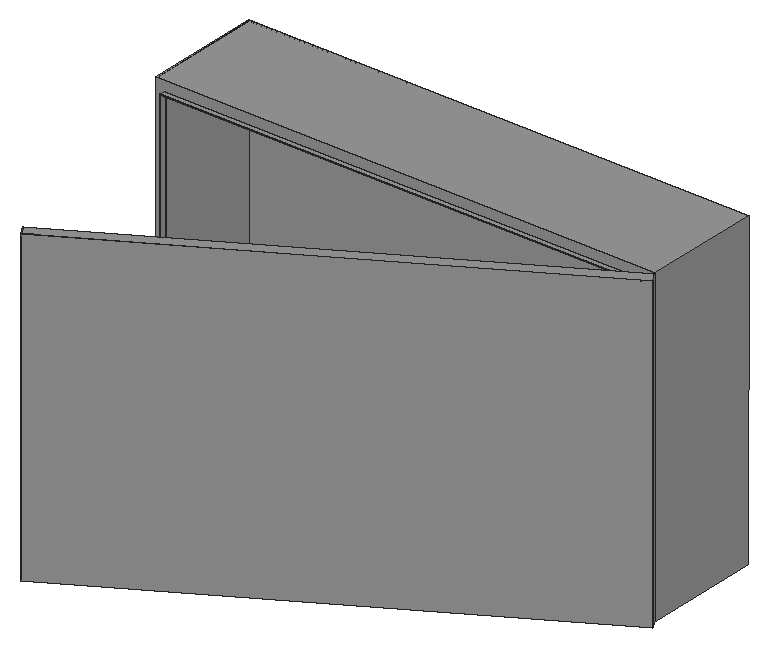
Revit family "Hager-Univers-IP54-D205-H500-Cl.I-Encl-NoHosted-AT-de", category Equipement électrique, Revit 2020
Family settings
  Configuration du panneau = Deux colonnes, circuits au sein
  Cote de connecteur circulaire = Utiliser le diamètre
  Type d'élément = Tableau de raccordement
  Basée sur le plan de construction = Oui
  Toujours verticalement = Oui
  Couper avec des vides une fois chargée = Non
  Partagée = Non
  Point de calcul de pièce = Non
Parameters (values of type "Aufputz IP54 B800 H500 T205  - FP33TW2")
  Width Control [instance] = if([EF000008 - Breite] > Min Width, [EF000008 - Breite], Min Width)  # 800 mm
  Commentaires du type = [HG000003 - Bereich]  # "Univers"
  Thickness Door [instance] = if([EF009171 - Materialstärke Tür/Deckel] > 3 mm, 3 mm, [EF009171 - Materialstärke Tür/Deckel])  # 1 mm
  Seal Frame Offset [instance] = 17 mm  # constant formula
  Plinth Visibility [instance] = [HG000027 - Sockelhöhe] > 0 mm  # no
  Min Width [instance] = 100 mm  # constant formula
  Min Depth [instance] = (2 * [EF009170 - Materialstärke Gehäuse]) + 1 mm  # 3 mm
  Min Height [instance] = 100 mm  # constant formula
  Internal Frame Depth [instance] = (Door System Depth * 0.5)  # 9 mm
  Panel Name [instance] = ""  # (empty or 0)
  Model = ""
  HG000027 - Sockelhöhe = 0 mm
  HG000026 - Stehend auf dem Boden = no
  HG000024 - Höhe des unteren Teils = 600 mm
  HG000023 - Gehäuse mit doppeltem Querschnitt = no
  HG000016 - 3D-Türsichtbarkeit [instance] = yes
  HG000015 - Sichtbarkeit der Türöffnung [instance] = no
  HG000014 - Tür rechts [instance] = yes
  HG000013 - Tür links [instance] = not([HG000014 - Tür rechts])  # no
  HG000012 - Türschwenkwinkel [instance] = 30.00°
  HG000010 - Asymmetrische Türen = no
  HG000009 - Doppelflügeligen Tür = no
  HG000006 - Unterputz = no
  HG000004 - Herstellerreferenz = "FP33TW2"
  HG000003 - Bereich = "Univers"
  HG000002 - Mit tür = yes
  Frame Offset Bottom [instance] = 10 mm  # constant formula
  Frame Offset [instance] = 15 mm  # constant formula
  EF015940 - Deckel mit Überdruckentlastung = no
  EF011959 - Schutzart (NEMA) = ""
  EF009554 - Anzahl der Öffnungen für Flanschplatten = 6
  EF009212 - Ausführung Deckel = "EV000116 - geschlossen"
  EF009171 - Materialstärke Tür/Deckel = 1 mm
  EF009170 - Materialstärke Gehäuse = 1 mm
  EF008873 - Nennstrom (In) = 250 A
  EF007800 - Geeignet für Blitzschutz = no
  EF006306 - Mit Schloss = no
  EF006244 - Transparenter Deckel/Tür = no
  EF005474 - Schutzart (IP) = "EV006419 - IP54"
  EF004464 - Art der Tür = "EV002646 - Einzel"
  EF004427 - Anzahl der Module = 108
  EF004293 - Schlagfestigkeit = "EV006815 - IK09"
  EF003532 - Geeignet für Außengebrauch = no
  EF002950 - Breite in Teilungseinheiten = 36
  EF001613 - Funktionserhalt = "EV000494 - ohne"
  EF001596 - Werkstoff des Gehäuses = "EV000179 - Stahl"
  EF001131 - Innentiefe = 205 mm
  EF001088 - Anbaumöglichkeit = yes
  EF000437 - Anzahl der Leitungseinführungen = 6
  EF000339 - Art der Abdeckung = "EV001012 - Deckel"
  EF000266 - Anzahl der Reihen = 3
  EF000218 - Einbautiefe = 205 mm
  EF000118 - Mit Montageplatte = no
  EF000116 - RAL-Nummer = "9010"
  EF000049 - Tiefe = 205 mm
  EF000040 - Höhe = 500 mm
  EF000008 - Breite = 800 mm
  EF000007 - Farbe = "EV000202 - weiß"
  EF000003 - Montageart = "EV000384 - Aufputz"
  Door System Leaf Tolerance [instance] = 1.5 mm  # constant formula
  Door System Depth [instance] = 18 mm  # constant formula
  Door Height [instance] = Height Control - [HG000027 - Sockelhöhe]  # 500 mm
  Description = ""
  Default Elevation = 1219.2 mm
  Connector Offset [instance] = Height Control / 2  # 250 mm
  Fabricant = "Hager"  # constant formula
  Height Control [instance] = if([EF000040 - Höhe] > Min Height, [EF000040 - Höhe], Min Height)  # 500 mm
  Depth Control [instance] = if([EF000049 - Tiefe] > Min Depth, [EF000049 - Tiefe], Min Depth)  # 205 mm
  Bottom Top Plate Trim [instance] = 1.5 mm  # constant formula
  Plinth height Ctrl [instance] = if([HG000027 - Sockelhöhe] > 0 mm, [HG000027 - Sockelhöhe], 12 mm)  # 12 mm
Types (4, lengths in mm): name | Width Control | HG000004 - Herstellerreferenz | EF009554 - Anzahl der Öffnungen für Flanschplatten | EF004464 - Art der Tür | EF004427 - Anzahl der Module | EF002950 - Breite in Teilungseinheiten | EF000437 - Anzahl der Leitungseinführungen | EF000008 - Breite
  Aufputz IP54 B1050 H500 T205  - FP34TW2 | 1050 | "FP34TW2" | 8 | "EV003602 - Doppel" | 144 | 48 | 8 | 1050
  Aufputz IP54 B300 H500 T205  - FP31TW2 | 300 | "FP31TW2" | 2 | "EV002646 - Einzel" | 36 | 12 | 2 | 300
  Aufputz IP54 B550 H500 T205  - FP32TW2 | 550 | "FP32TW2" | 4 | "EV002646 - Einzel" | 72 | 24 | 4 | 550
  Aufputz IP54 B800 H500 T205  - FP33TW2 | 800 | "FP33TW2" | 6 | "EV002646 - Einzel" | 108 | 36 | 6 | 800
Reference planes
  plane 1 "Center (Front/Back)": y = 0
  plane 2: z = 0
  plane 3 "Center (Left/Right)": x = 0
  plane 4: y = 0
  plane 5: y = 0
  plane 6: z = 0
  plane 7: x = -400
  plane 8: x = 400
  plane 9: x = 399
  plane 10: x = -399
  plane 11: z = 0
  plane 12: z = 1
  plane 13: y = -205
  plane 14: y = -1
  plane 15: x = 0
  plane 16: y = -187
  plane 17: y = -204
  plane 18: y = -186
  plane 19: x = -384
  plane 20: x = 384
  plane 21: z = 11
  plane 22: x = -383
  plane 23: x = 383
  plane 24: z = 0
  plane 25: z = 500
  plane 26: z = 500
  plane 27: z = 484
  plane 28: z = 499
Forms (mm)
  Extrusion 1, solid, material "Hager_Steel_RAL7035_Light_Grey", detail levels medium+fine
    sketch origin (-208.679, -4572, 0) x (-1, 0, 0) y (0, -1, 0)
      loop
        line (191.321, -4385) -> (-608.679, -4385) -> (-608.679, -4572) -> (191.321, -4572) -> (191.321, -4385)
    from 0 to 500
  Extrusion 2, void
    sketch origin (-350.771, -205, 1219.2) x (1, 0, 0) y (0, 0, 1)
      loop
        line (-48.229, -720.2) -> (-48.229, -1218.2) -> (749.771, -1218.2) -> (749.771, -720.2) -> (-48.229, -720.2)
    from -19 to -204
  Extrusion 3, void
    sketch origin (-290.084, -187, 1219.2) x (1, 0, 0) y (0, 0, 1)
      loop
        line (-93.916, -1208.2) -> (674.084, -1208.2) -> (674.084, -735.2) -> (-93.916, -735.2) -> (-93.916, -1208.2)
    from 0 to -1
  Extrusion 4, solid, material "Hager_Steel_RAL7035_Light_Grey", visible <- "Plinth Visibility", detail levels medium+fine
    sketch origin (0, 0, 0) x (1, 0, 0) y (0, 1, 0)
      loop
        line (-400, 0) -> (-400, -187) -> (400, -187) -> (400, 0) -> (-400, 0)
    from 0 to 12 <- "Plinth height Ctrl"
  Extrusion 5, solid, material "Hager_Steel_RAL7035_Light_Grey", detail levels coarse
    sketch origin (0, 0, 0) x (1, 0, 0) y (0, 1, 0)
      loop
        line (-400, 0) -> (-400, -205) -> (400, -205) -> (400, 0) -> (-400, 0)
    from 0 to 500 <- "Height Control"
  Sweep 6, void
    path in 3D
      loop
        line (-400, -187, 12) -> (400, -187, 12) -> (400, 0, 12) -> (-400, 0, 12) -> (-400, -187, 12)
    profile origin (-400, -93.5, 12) x (1, 0, 0) y (0, 0, 1)
      loop
        line (0, 0) -> (0, -1.5) -> (1.5, -1.5)
        arc (1.5, -1.5) -> (1.061, -0.439) -> (0, 0) r 1.5
  Extrusion 7, solid, material "Hager_Steel_RAL7035_Light_Grey", detail levels fine
    sketch origin (-400, -187, 0) x (1, 0, 0) y (0, 0, 1)
      loop
        line (16, 11) -> (784, 11) -> (784, 484) -> (16, 484) -> (16, 11)
      loop
        line (15, 10) -> (785, 10) -> (785, 485) -> (15, 485) -> (15, 10)
    from 0 to 9 <- "Internal Frame Depth"
Cuts and joins
  Extrusion 2, Extrusion 3 cuts Extrusion 1
  Sweep 6 cuts Extrusion 4
Lines and regions (mm)
  Masking region 1
    outline origin (0, 0, 0) x (1, 0, 0) y (0, 1, 0)
      loop
        line (-400, 0) -> (-400, -205) -> (400, -205) -> (400, 0) -> (-400, 0)
  Masking region 2, detail levels coarse
    outline origin (-290.084, -187, 1219.2) x (-1, 0, 0) y (0, 0, 1)
      loop
        line (-690.084, -1219.2) -> (109.916, -1219.2) -> (109.916, -719.2) -> (-690.084, -719.2) -> (-690.084, -1219.2)
  Masking region 3, detail levels coarse
    outline origin (0, 0, 0) x (0, 1, 0) y (0, 0, 1)
      loop
        line (0, 0) -> (0, 500) -> (-205, 500) -> (-205, 0) -> (0, 0)
  Masking region 4, visible <- "Plinth Visibility", detail levels medium+fine
    outline origin (0, 0, 0) x (0, 1, 0) y (0, 0, 1)
      loop
        line (-1.5, 12) -> (-185.5, 12)
        arc (-185.5, 12) -> (-185.939, 10.939) -> (-187, 10.5) r 1.5
        line (-187, 10.5) -> (-187, 0) -> (0, 0) -> (0, 10.5)
        arc (0, 10.5) -> (-1.061, 10.939) -> (-1.5, 12) r 1.5
  Masking region 5, detail levels medium+fine
    outline origin (0, 0, 594.038) x (0, 1, 0) y (0, 0, 1)
      loop
        line (0, -594.038) -> (0, -94.038) -> (-187, -94.038) -> (-187, -594.038) -> (0, -594.038)
  Masking region 6, detail levels medium+fine
    outline origin (-359.7, -187, 1211.883) x (-1, 0, 0) y (0, 0, 1)
      loop
        line (-759.7, -1211.883) -> (40.3, -1211.883) -> (40.3, -711.883) -> (-759.7, -711.883) -> (-759.7, -1211.883)
  Masking region 7, visible <- "Plinth Visibility", detail levels medium+fine
    outline origin (-320.334, -187, 1041.368) x (-1, 0, 0) y (0, 0, 1)
      loop
        line (-720.334, -1041.368) -> (79.666, -1041.368) -> (79.666, -1030.868)
        arc (79.666, -1030.868) -> (78.606, -1030.429) -> (78.166, -1029.368) r 1.5
        line (78.166, -1029.368) -> (-718.834, -1029.368)
        arc (-718.834, -1029.368) -> (-719.273, -1030.429) -> (-720.334, -1030.868) r 1.5
        line (-720.334, -1030.868) -> (-720.334, -1041.368)
  sketch lines
    curve 1: line (-400, 0, 12) -> (-400, -187, 12)
    curve 2: line (-400, -187, 12) -> (400, -187, 12)
    curve 3: line (400, 0, 12) -> (-400, 0, 12)
    curve 4: line (400, -187, 12) -> (400, 0, 12)
Dimensions and locks
  locked: plane 1 "Center (Front/Back)" to plane 5
  "EF009170 - Materialstärke Gehäuse": plane 7 to plane 10
  "EF009170 - Materialstärke Gehäuse": plane 8 to plane 9
  equal spacing: plane 7, plane 3 "Center (Left/Right)", plane 8
  "Width Control": plane 7 to plane 8
  "Depth Control": plane 4 to plane 13
  "EF009170 - Materialstärke Gehäuse": plane 4 to plane 14
  "Height Control": plane 25 to level
  "HG000027 - Sockelhöhe": plane 11 to level
  "EF009170 - Materialstärke Gehäuse": plane 12 to plane 11
  "EF009170 - Materialstärke Gehäuse": plane 17 to plane 13
  "EF009170 - Materialstärke Gehäuse": plane 18 to plane 16
  "Frame Offset Bottom": plane 21 to plane 12
  "Frame Offset": plane 10 to plane 19
  "Frame Offset": plane 9 to plane 20
  "Door System Depth": plane 16 to plane 13
  "Seal Frame Offset": plane 7 to plane 22
  "Seal Frame Offset": plane 8 to plane 23
  "EF009170 - Materialstärke Gehäuse": plane 26 to plane 28
  "Frame Offset": plane 28 to plane 27
  "Connector Offset": plane 2 to connector elem
  "Bottom Top Plate Trim": profile plane to Sweep 6 sketch curve
  "Bottom Top Plate Trim": Sweep 6 sketch curve to Sweep 6 sketch curve
  "Plinth height Ctrl": Masking region 4 sketch curve to level
  "Plinth height Ctrl": Masking region 7 sketch curve to level
  "Thickness Door": Extrusion 7 sketch curve to Extrusion 7 sketch curve  (x4)
  "Bottom Top Plate Trim": radius of Sweep 6 sketch curve
  "Bottom Top Plate Trim": radius of Masking region 4 sketch curve  (x2)
  "Bottom Top Plate Trim": radius of Masking region 7 sketch curve  (x2)
  aligned and locked: Extrusion 2 sketch curve to plane 12
  aligned and locked: Extrusion 2 sketch curve to plane 9
  aligned and locked: Extrusion 2 sketch curve to plane 10
  aligned and locked: Extrusion 2 to plane 14
  aligned and locked: Extrusion 1 sketch curve to plane 4
  aligned and locked: plane 8 to Extrusion 1 sketch curve
  aligned and locked: plane 7 to Extrusion 1 sketch curve
  aligned and locked: Extrusion 2 to plane 18
  aligned and locked: plane 19 to Extrusion 3 sketch curve
  aligned and locked: plane 20 to Extrusion 3 sketch curve
  aligned and locked: Extrusion 3 to Extrusion 2
  aligned and locked: Extrusion 3 sketch curve to plane 21
  aligned and locked: plane 3 "Center (Left/Right)" to nested 1
  aligned and locked: Extrusion 1 sketch curve to plane 16
  aligned and locked: Extrusion 4 sketch curve to cut or joined group of Extrusion 1, Extrusion 2, Extrusion 3
  aligned and locked: Masking region 1 sketch curve to plane 7
  aligned and locked: Masking region 1 sketch curve to plane 5
  aligned and locked: Masking region 1 sketch curve to plane 8
  aligned and locked: Masking region 2 sketch curve to level
  aligned and locked: level to Masking region 3 sketch curve
  aligned and locked: plane 1 "Center (Front/Back)" to Masking region 3 sketch curve
  aligned and locked: plane 13 to Masking region 3 sketch curve
  aligned and locked: plane 5 to Masking region 4 sketch curve
  aligned and locked: Masking region 2 sketch curve to plane 8
  aligned and locked: Masking region 2 sketch curve to plane 7
  aligned and locked: plane 7 to nested 2
  aligned and locked: nested 2 to plane 5
  aligned and locked: plane 5 to Masking region 5 sketch curve
  aligned and locked: plane 26 to Masking region 5 sketch curve
  aligned and locked: Extrusion 5 sketch curve to plane 8
  aligned and locked: Extrusion 5 sketch curve to plane 7
  aligned and locked: Extrusion 5 sketch curve to plane 5
  aligned and locked: Extrusion 3 sketch curve to plane 27
  aligned and locked: Extrusion 2 sketch curve to plane 28
  aligned and locked: Masking region 2 to plane 25
  aligned and locked: Extrusion 4 to plane 16
  aligned and locked: profile plane to Sweep 6 sketch curve
  aligned and locked: Masking region 5 sketch curve to plane 24
  aligned and locked: level to Masking region 4 sketch curve
  aligned and locked: Masking region 1 to plane 13
  aligned and locked: nested 1 to plane 16
  aligned and locked: Masking region 3 to plane 25
  aligned and locked: plane 16 to Masking region 4 sketch curve
  aligned and locked: Masking region 5 sketch curve to plane 16
  aligned and locked: plane 24 to plane 11
  aligned and locked: plane 26 to plane 25
  aligned and locked: plane 26 to cut or joined group of Extrusion 1, Extrusion 2, Extrusion 3
  aligned and locked: nested 1 to plane 24
  aligned and locked: Extrusion 1 to Extrusion 3
  aligned and locked: Masking region 6 sketch curve to plane 8
  aligned and locked: Masking region 6 sketch curve to plane 24
  aligned and locked: Masking region 6 sketch curve to plane 7
  aligned and locked: Masking region 6 sketch curve to plane 26
  aligned and locked: Masking region 7 sketch curve to plane 7
  aligned and locked: level to Masking region 7 sketch curve
  aligned and locked: Masking region 7 sketch curve to plane 8
  aligned and locked: Extrusion 7 sketch curve to cut or joined group of Extrusion 1, Extrusion 2, Extrusion 3  (x4)
Automatic sketch dimensions
  plane 19 to Extrusion 3 sketch curve = 0 mm
  Extrusion 3 sketch curve to plane 20 = 0 mm
  Extrusion 3 sketch curve to plane 21 = 0 mm
  Extrusion 4 sketch curve to plane 7 = 0 mm
  Extrusion 4 sketch curve to plane 8 = 0 mm
  Extrusion 4 sketch curve to plane 16 = 0 mm
  Masking region 1 sketch curve to plane 13 = 0 mm
  Masking region 2 sketch curve to plane 25 = 0 mm
  Masking region 3 sketch curve to plane 25 = 0 mm
  Extrusion 5 sketch curve to plane 13 = 0 mm
  profile plane to Sweep 6 sketch curve = 0 mm
Nested families
  nested 1: "EC000058_Univers_Door" at (0, -187, 0), Double <- "HG000009 - Doppelflügeligen Tür", Transparent <- "EF006244 - Transparenter Deckel/Tür", Angle <- "HG000012 - Türschwenkwinkel", Door_Right <- "HG000014 - Tür rechts", Assymetrical <- "HG000010 - Asymmetrische Türen", Door <- "HG000002 - Mit tür", Width_Ctrl <- "Width Control", 3d_Door <- "HG000016 - 3D-Türsichtbarkeit", Clearance <- "HG000015 - Sichtbarkeit der Türöffnung", Door_Left <- "HG000013 - Tür links", Width <- "Width Control", Door_Depth <- "Door System Depth", Leaf_Tolerance <- "Door System Leaf Tolerance", Height <- "Door Height", Lock_Visibility <- "EF006306 - Mit Schloss", Thickness <- "Thickness Door", type "EC000058_Univers_Door", detail levels medium+fine
    with min_wh 3 mm, Width_Ctrl 800 mm, Width 800 mm, Transparent no, Thickness 1 mm, Seal_Material Hager_Rubber, Lock_Visibility no, Lock_Material Hager_Plastic_RAL9005_Jet_Black, Leaf_Width 800 mm, Leaf_Tolerance_External_Sides 0 mm, Leaf_Tolerance 1.5 mm, Leaf_Offset 0 mm, Leaf_Height 497 mm, Leaf_2_Width 800 mm, Leaf_2_Offset 400 mm, Leaf_1_Width 800 mm, Leaf_1_Offset 400 mm, Height_Ctrl 500 mm, Height 500 mm, Glass_Material Hager_Glass, Double_Clearance_Ctrl no, Double no, Door_Right_Ctrl yes, Door_Right yes, Door_Material Hager_Steel_RAL7035_Light_Grey, Door_Left_Ctrl no, Door_Left no, Door_Depth 18 mm, Door yes, Clearance_Material Hager_Clearance, Clearance_Depth 800 mm, Clearance_Ctrl no, Clearance no, Assymetrical no, Angle 30.00°, 3d_Door yes
  nested 2: "Hager_Enclosure_Symbol" at (-400, 0, 0), Height <- "Depth Control", Width <- "Width Control", type "Hager_Enclosure_Symbol"
    with Width_Ctrl 800 mm, Width 800 mm, Height_Ctrl 205 mm, Height 205 mm, A_Width_Int 13.453 mm, A_Width 161.438 mm, A_Height_Ctrl 179.375 mm, A_Height 179.375 mm
Connectors
  electrical at (0, 0, 250)
    settings: on plane 1 "Center (Front/Back)", index 1, voltage 0 V, apparent load 0 VA, apparent load phase1 0 VA, apparent load phase2 0 VA, apparent load phase3 0 VA, power factor 1, load classification "Other", number of poles 1, system type 30, power factor state 1, is connector primary yes, connector utility no, sub classification motor no, connector description ""
Definition of nested family "EC000058_Univers_Door"
  Parameters (values of type "EC000058_Univers_Door")
    min_wh [instance] = (2 * Thickness) + 1 mm  # 11 mm
    Width_Ctrl [instance] = 400 mm
    Width [instance] = 500 mm
    Transparent [instance] = yes
    Thickness [instance] = 5 mm
    Seal_Material [instance] = none
    Lock_Visibility [instance] = yes
    Lock_Material [instance] = none
    Leaf_Width [instance] = if((Width_Ctrl - 2 * Leaf_Tolerance_External_Sides) > 0 mm, (Width_Ctrl - 2 * Leaf_Tolerance_External_Sides), min_wh)  # 400 mm
    Leaf_Tolerance_External_Sides [instance] = 0 mm  # constant formula
    Leaf_Tolerance [instance] = 1.5 mm
    Leaf_Offset [instance] = 0 mm  # constant formula
    Leaf_Height [instance] = if((Height_Ctrl - 2 * Leaf_Tolerance) > 0 mm, (Height_Ctrl - 2 * Leaf_Tolerance), min_wh)  # 497 mm
    Leaf_2_Width [instance] = if(and(and(Double, Assymetrical), Door_Left), (Leaf_Width / 3) - (Leaf_Tolerance / 2), if(and(and(Double, Assymetrical), Door_Right), (Leaf_Width / 3) * 2 - (Leaf_Tolerance / 2), if(and(Double, not(Assymetrical)), (Leaf_Width / 2) - Leaf_Tolerance, Leaf_Width)))  # 400 mm
    Leaf_2_Offset [instance] = if(and(Double, Assymetrical), Leaf_2_Width / 2, if(and(Double, not(Assymetrical)), Leaf_Width / 4, Leaf_Width / 2))  # 200 mm
    Leaf_1_Width [instance] = if(and(and(Double, Assymetrical), Door_Right), (Leaf_Width / 3) - (Leaf_Tolerance / 2), if(and(and(Double, Assymetrical), Door_Left), (Width / 3) * 2 - (Leaf_Tolerance / 2), if(and(Double, not(Assymetrical)), (Leaf_Width / 2) - Leaf_Tolerance, Leaf_Width)))  # 400 mm
    Leaf_1_Offset [instance] = if(and(Double, Assymetrical), Leaf_1_Width / 2, if(and(Double, not(Assymetrical)), Leaf_Width / 4, Leaf_Width / 2))  # 200 mm
    Height_Ctrl [instance] = if(Height > min_wh, Height, min_wh)  # 500 mm
    Height [instance] = 500 mm
    Glass_Material [instance] = none
    Double_Clearance_Ctrl [instance] = and(Double, Clearance)  # no
    Double [instance] = no
    Door_Right_Ctrl [instance] = and(or(Door_Right, Double), Door)  # yes
    Door_Right [instance] = yes
    Door_Material [instance] = none
    Door_Left_Ctrl [instance] = and(or(Door_Left, Double), Door)  # no
    Door_Left [instance] = no
    Door_Depth [instance] = 30 mm
    Door [instance] = yes
    Default Elevation = 1219.2 mm
    Clearance_Material [instance] = none
    Clearance_Depth [instance] = if(Leaf_1_Width > Leaf_2_Width, Leaf_1_Width, Leaf_2_Width)  # 400 mm
    Clearance_Ctrl [instance] = and(not(Double), Clearance)  # yes
    Clearance [instance] = yes
    Assymetrical [instance] = yes
    Angle [instance] = 30.00°
    3d_Door [instance] = yes
  Reference planes
    plane 1 "Center (Front/Back)": y = 0
    plane 2 "Bottom": z = 0
    plane 3 "Center (Left/Right)": x = 0
    plane 4: z = 500
    plane 5: x = -200
    plane 6: x = 200
    plane 7: z = 500
    plane 8: x = -200
    plane 9: z = 0
    plane 10: x = 200
    plane 11: y = 0
    plane 12: z = 1.5
    plane 13: x = -600
    plane 14: y = -400
    plane 15: x = 600
    plane 16: x = 0
    plane 17: x = 0
    plane 18: x = -200
    plane 19: x = 200
    plane 20: z = 498.5
  Forms (mm)
    Extrusion 1, solid, material <- "Clearance_Material", visible <- "Double_Clearance_Ctrl"
      sketch origin (1200, 0, 0) x (1, 0, 0) y (0, 0, -1)
        loop
          line (-1800, -498.5) -> (-600, -498.5) -> (-600, 0) -> (-1800, 0) -> (-1800, -498.5)
      from 0 to -400
  Dimensions and locks
    equal spacing: plane 5, plane 3 "Center (Left/Right)", plane 6
    "Width_Ctrl": plane 5 to plane 6
    "Leaf_Offset": plane 5 to plane 8
    "Leaf_Offset": plane 6 to plane 10
    "Leaf_Offset": plane 9 to level
    "Leaf_Offset": plane 4 to plane 7
    "Height_Ctrl": plane 4 to level
    "Leaf_Tolerance": plane 12 to plane 9
    locked: plane 11 to plane 1 "Center (Front/Back)"
    "Leaf_1_Offset": plane 18 to plane 16
    "Leaf_2_Offset": plane 17 to plane 19
    "Leaf_1_Width": plane 13 to plane 8
    "Leaf_2_Width": plane 10 to plane 15
    "Clearance_Depth": plane 14 to plane 1 "Center (Front/Back)"
    "Leaf_Tolerance_External_Sides": plane 8 to plane 18
    "Leaf_Tolerance_External_Sides": plane 19 to plane 10
    "Leaf_Tolerance": plane 7 to plane 20
    aligned and locked: level to plane 2 "Bottom"
    aligned and locked: nested 1 to plane 16
    aligned and locked: nested 2 to plane 17
    aligned and locked: Extrusion 1 to plane 13
    aligned and locked: plane 15 to Extrusion 1
    aligned and locked: Extrusion 1 to plane 14
    aligned and locked: plane 12 to nested 1
    aligned and locked: nested 2 to plane 12
    aligned and locked: Extrusion 1 to plane 11
    aligned and locked: plane 20 to Extrusion 1
    aligned and locked: nested 2 to plane 11
    aligned and locked: nested 1 to plane 11
  Automatic sketch dimensions
    Extrusion 1 sketch curve to level = 0 mm
    plane 5 to Extrusion 1 sketch curve = 400 mm
    plane 6 to Extrusion 1 sketch curve = 400 mm
    Extrusion 1 sketch curve to plane 4 = 1.5 mm
  Nested families
    nested 1: "EC000058_Univers_Door_Leaf" at (0, 0, 1.5), Width <- "Leaf_1_Width", visible <- "Door_Left_Ctrl", Leaf_Height <- "Leaf_Height", Angle <- "Angle", 3d_Door <- "3d_Door", Transparent <- "Transparent", Clearance Material <- "Clearance_Material", Clearance <- "Clearance_Ctrl", Door_Material <- "Door_Material", Glass_Material <- "Glass_Material", Door_Depth <- "Door_Depth", Lock_Material <- "Lock_Material", Seal_Material <- "Seal_Material", Lock_Visibility <- "Lock_Visibility", Thickness <- "Thickness", type "EC000058_Univers_Door_Leaf"
      with Width 400 mm, Transparent_Glass_Offset 30 mm, Transparent_Ctrl yes, Transparent yes, Thickness 5 mm, Standard no, Seal_Material none, Seal_D2 8 mm, Seal_D1 1 mm, Offset_Internal_Frame 10 mm, Lock_Width 20 mm, Lock_Visibility_3d yes, Lock_Visibility yes, Lock_Thickness_3 3 mm, Lock_Thickness_2 1 mm, Lock_Thickness_1 3 mm, Lock_Radius_Offset_2 16 mm, Lock_Radius_Offset_1 15 mm, Lock_Radius_2 5 mm, Lock_Radius 6 mm, Lock_Offset 5 mm, Lock_Material none, Lock_Height 80 mm, Lock_Cover_Top_Offset_2d 17 mm, Lock_Cover_Height -65 mm, Leaf_Height 497 mm, Internal_Seal_Thickness 8 mm, Internal_Seal_Depth_2 4.5 mm, Internal_Frame_Depth 25 mm, Glass_Thickness -1 mm, Glass_Offset -2 mm, Glass_Material none, Door_Material none, Door_Depth 30 mm, Clearance Material none, Clearance yes, Angle_Ctrl 30.00°, Angle 30.00°, 3d_Door yes
    nested 2: "EC000058_Univers_Door_Leaf" at (0, 0, 1.5) x (-1, 0, 0) z (0, 0, 1), Width <- "Leaf_2_Width", visible <- "Door_Right_Ctrl", Leaf_Height <- "Leaf_Height", Angle <- "Angle", 3d_Door <- "3d_Door", Transparent <- "Transparent", Clearance Material <- "Clearance_Material", Clearance <- "Clearance_Ctrl", Door_Material <- "Door_Material", Glass_Material <- "Glass_Material", Door_Depth <- "Door_Depth", Lock_Material <- "Lock_Material", Seal_Material <- "Seal_Material", Lock_Visibility <- "Lock_Visibility", Thickness <- "Thickness", type "EC000058_Univers_Door_Leaf"
      with Width 400 mm, Transparent_Glass_Offset 30 mm, Transparent_Ctrl yes, Transparent yes, Thickness 5 mm, Standard no, Seal_Material none, Seal_D2 8 mm, Seal_D1 1 mm, Offset_Internal_Frame 10 mm, Lock_Width 20 mm, Lock_Visibility_3d yes, Lock_Visibility yes, Lock_Thickness_3 3 mm, Lock_Thickness_2 1 mm, Lock_Thickness_1 3 mm, Lock_Radius_Offset_2 16 mm, Lock_Radius_Offset_1 15 mm, Lock_Radius_2 5 mm, Lock_Radius 6 mm, Lock_Offset 5 mm, Lock_Material none, Lock_Height 80 mm, Lock_Cover_Top_Offset_2d 17 mm, Lock_Cover_Height -65 mm, Leaf_Height 497 mm, Internal_Seal_Thickness 8 mm, Internal_Seal_Depth_2 4.5 mm, Internal_Frame_Depth 25 mm, Glass_Thickness -1 mm, Glass_Offset -2 mm, Glass_Material none, Door_Material none, Door_Depth 30 mm, Clearance Material none, Clearance yes, Angle_Ctrl 30.00°, Angle 30.00°, 3d_Door yes
  Definition of nested family "EC000058_Univers_Door_Leaf"
    Parameters (values of type "EC000058_Univers_Door_Leaf")
      Width [instance] = 2000 mm
      Transparent_Glass_Offset [instance] = 30 mm
      Transparent_Ctrl [instance] = and(Transparent, [3d_Door])  # yes
      Transparent [instance] = yes
      Thickness [instance] = 5 mm
      Standard [instance] = and(not(Transparent), [3d_Door])  # no
      Seal_Material [instance] = none
      Seal_D2 [instance] = 8 mm  # constant formula
      Seal_D1 [instance] = 1 mm  # constant formula
      Offset_Internal_Frame [instance] = 10 mm  # constant formula
      Lock_Width [instance] = 20 mm  # constant formula
      Lock_Visibility_3d [instance] = and(Lock_Visibility, [3d_Door])  # yes
      Lock_Visibility [instance] = yes
      Lock_Thickness_3 [instance] = 3 mm  # constant formula
      Lock_Thickness_2 [instance] = 1 mm  # constant formula
      Lock_Thickness_1 [instance] = 3 mm  # constant formula
      Lock_Radius_Offset_2 [instance] = Lock_Radius_Offset_1 + 1 mm  # 16 mm
      Lock_Radius_Offset_1 [instance] = 15 mm  # constant formula
      Lock_Radius_2 [instance] = Lock_Radius - 1 mm  # 5 mm
      Lock_Radius [instance] = 6 mm  # constant formula
      Lock_Offset [instance] = 5 mm  # constant formula
      Lock_Material [instance] = none
      Lock_Height [instance] = 80 mm  # constant formula
      Lock_Cover_Top_Offset_2d [instance] = Lock_Radius_Offset_2 + 1 mm  # 17 mm
      Lock_Cover_Height [instance] = -(Lock_Height - Lock_Radius_Offset_1)  # -65 mm
      Leaf_Height [instance] = 2720.336 mm
      Internal_Seal_Thickness [instance] = 8 mm  # constant formula
      Internal_Seal_Depth_2 [instance] = 4.5 mm  # constant formula
      Internal_Frame_Depth [instance] = if(Door_Depth - Thickness > 5 mm, Door_Depth - Thickness, 5 mm)  # 25 mm
      Glass_Thickness [instance] = if(Thickness > 15 mm, Glass_Offset + 10 mm, -1 mm)  # -1 mm
      Glass_Offset [instance] = if(Thickness > 15 mm, -(Thickness + 10 mm) / 2, -2 mm)  # -2 mm
      Glass_Material [instance] = none
      Door_Material [instance] = none
      Door_Depth [instance] = 30 mm
      Default Elevation = 0 mm
      Clearance Material [instance] = none
      Clearance [instance] = yes
      Angle_Ctrl [instance] = if(Angle > 180.00°, 180.00°, Angle)  # 90.00°
      Angle [instance] = 90.00°
      3d_Door [instance] = yes
    Reference planes
      plane 1 "Center (Front/Back)": y = 0
      plane 2: z = 0
      plane 3 "Center (Left/Right)": x = 0
      plane 4: y = 2000
      plane 5: x = -1000
      plane 6: x = 1000
      plane 7: x = -3000
      plane 8: z = 2720.336
      plane 9: z = 30
      plane 10: z = 2690.336
      plane 11: x = 970
      plane 12: x = -970
      plane 13: y = -3
      plane 14: z = 107.833
      plane 15: y = -5
      plane 16: y = -223.314
      plane 17: x = -1000
      plane 18: z = 1360.168
      plane 19: y = 30
    Forms (mm)
      Extrusion 1, solid, material <- "Clearance Material", visible <- "Clearance"
        sketch origin (0, 0, 0) x (1, 0, 0) y (0, 0, 1)
          loop
            line (-3000, 2720.336) -> (-3000, 0) -> (1000, 0) -> (1000, 2720.336) -> (-3000, 2720.336)
        from 0 to -2000
      Extrusion 2, solid, material <- "Door_Material", visible <- "Standard", detail levels medium+fine
        sketch origin (-1000, 0, 0) x (0, 1, 0) y (-1, 0, 0)
          loop
            line (0, 30) -> (0, 25) -> (2000, 25) -> (2000, 30) -> (0, 30)
        from 0 to 2720.336 <- "Leaf_Height"
      Extrusion 3, solid, material <- "Door_Material", visible <- "Transparent_Ctrl", detail levels medium+fine
        sketch origin (-1000, 0, 0) x (0, 1, 0) y (-1, 0, 0)
          loop
            line (0, 25) -> (2000, 25) -> (2000, 30) -> (0, 30) -> (0, 25)
        from 0 to 2720.336 <- "Leaf_Height"
      Extrusion 4, void
        sketch origin (-1025, 2000, 0) x (0, 1, 0) y (0, 0, -1)
          loop
            line (-30, -2690.336) -> (-30, -30) -> (-1970, -30) -> (-1970, -2690.336) -> (-30, -2690.336)
        from 0 to 5 <- "Thickness"
      Sweep 5, solid, material <- "Seal_Material", visible <- "Transparent_Ctrl", detail levels fine
        path in 3D
          loop
            line (-1025, 30, 30) -> (-1025, 30, 2690.336) -> (-1025, 1970, 2690.336) -> (-1025, 1970, 30) -> (-1025, 30, 30)
        profile origin (-1025, 1000, 30) x (1, 0, 0) y (0, 0, 1)
          loop
            line (0, 0) -> (0, -8) -> (1, -8) -> (1, 0) -> (0, 0)
      Extrusion 6, solid, material <- "Glass_Material", visible <- "Transparent_Ctrl", detail levels medium+fine
        sketch origin (-1030, 0, 0) x (0, 1, 0) y (0, 0, -1)
          loop
            line (1970, -2690.336) -> (1970, -30) -> (30, -30) -> (30, -2690.336) -> (1970, -2690.336)
        from -2 <- "Glass_Offset" to -1 <- "Glass_Thickness"
      Extrusion 7, solid, material <- "Door_Material", visible <- "3d_Door", detail levels medium+fine
        sketch origin (-1025, 2000, 0) x (0, -1, 0) y (0, 0, -1)
          loop
            line (0, -2720.336) -> (2000, -2720.336) -> (2000, 0) -> (0, 0) -> (0, -2720.336)
          loop
            line (1995, -5) -> (5, -5) -> (5, -2715.336) -> (1995, -2715.336) -> (1995, -5)
        from 0 to 25 <- "Internal_Frame_Depth"
      Sweep 8, solid, material <- "Seal_Material", visible <- "Transparent_Ctrl", detail levels fine
        path in 3D
          loop
            line (-1025, 0, 0) -> (-1025, 2000, 0) -> (-1025, 2000, 2720.336) -> (-1025, 0, 2720.336) -> (-1025, 0, 0)
        profile origin (-1025, 0, 1360.168) x (1, 0, 0) y (0, 1, 0)
          loop
            line (0, 10) -> (2.975, 10)
            arc (2.975, 10) -> (4.053, 10.447) -> (4.5, 11.525) r 1.525
            line (4.5, 11.525) -> (4.5, 16.527)
            arc (4.5, 16.527) -> (4.069, 17.569) -> (3.027, 18) r 1.473
            line (3.027, 18) -> (0, 18) -> (0, 10)
      Extrusion 9, solid, material <- "Lock_Material", visible <- "Lock_Visibility_3d", detail levels fine
        sketch origin (-1030, 0, 0) x (0, 1, 0) y (0, 0, -1)
          loop
            arc (1993.5, -1400.168) -> (1994.561, -1399.729) -> (1995, -1398.668) r 1.5
            line (1995, -1398.668) -> (1995, -1320.168) -> (1975, -1320.168) -> (1975, -1398.668)
            arc (1975, -1398.668) -> (1975.439, -1399.729) -> (1976.5, -1400.168) r 1.5
            line (1976.5, -1400.168) -> (1993.5, -1400.168)
        from 3 <- "Lock_Thickness_1" to 0
      Blend 10, solid, material <- "Lock_Material", visible <- "Lock_Visibility_3d", detail levels fine
        base sketch origin (-1033, 0, 0) x (0, 1, 0) y (0, 0, -1)
          loop
            line (1975, -1320.168) -> (1975, -1398.668)
            arc (1975, -1398.668) -> (1975.439, -1399.729) -> (1976.5, -1400.168) r 1.5
            line (1976.5, -1400.168) -> (1993.5, -1400.168)
            arc (1993.5, -1400.168) -> (1994.561, -1399.729) -> (1995, -1398.668) r 1.5
            line (1995, -1398.668) -> (1995, -1320.168) -> (1975, -1320.168)
        top sketch origin (-1033, 0, 0) x (0, 1, 0) y (0, 0, -1)
          loop
            line (1976, -1320.168) -> (1976, -1398.668)
            arc (1976, -1398.668) -> (1976.146, -1399.022) -> (1976.5, -1399.168) r 0.5
            line (1976.5, -1399.168) -> (1993.5, -1399.168)
            arc (1993.5, -1399.168) -> (1993.854, -1399.022) -> (1994, -1398.668) r 0.5
            line (1994, -1398.668) -> (1994, -1320.168) -> (1976, -1320.168)
        from 0 to 1 <- "Lock_Thickness_2"
      Blend 11, solid, material <- "Lock_Material", visible <- "Lock_Visibility_3d", detail levels fine
        base sketch origin (-1034, 0, 0) x (0, 1, 0) y (0, 0, -1)
          loop
            line (1978, -1320.168) -> (1978, -1384.168)
            arc (1978, -1384.168) -> (1985, -1391.168) -> (1992, -1384.168) r 7
            line (1992, -1384.168) -> (1992, -1320.168) -> (1978, -1320.168)
        top sketch origin (-1034, 0, 0) x (0, 1, 0) y (0, 0, -1)
          loop
            line (1991, -1320.168) -> (1979, -1320.168) -> (1979, -1383.168)
            arc (1979, -1383.168) -> (1985, -1389.168) -> (1991, -1383.168) r 6
            line (1991, -1383.168) -> (1991, -1320.168)
        from 0 to 3 <- "Lock_Thickness_3"
      Extrusion 12, solid, material <- "Lock_Material", visible <- "Lock_Visibility_3d", detail levels fine
        sketch origin (-1030, 1975, 1320.168) x (1, 0, 0) y (0, -1, 0)
          loop
            line (-7, -19) -> (-7, -1) -> (0, -1) -> (0, 0) -> (-8, 0) -> (-8, -20) -> (0, -20) -> (0, -19) -> (-7, -19)
        from 0 to -65 <- "Lock_Cover_Height"
      Extrusion 13, void
        sketch origin (-1038, 1995, 1320.168) x (-1, 0, 0) y (0, 0, -1)
          loop
            line (-5, -65) -> (0, -65) -> (-5, -60) -> (-5, -65)
        from 0 to 20 <- "Lock_Width"
      Extrusion 14, void
        sketch origin (-1038, 1975, 1320.168) x (0, -1, 0) y (0, 0, -1)
          loop
            circle (-10, -15.995) r 6
          loop
            circle (-10, -15.995) r 5
        from 0 to 2
      Extrusion 15, solid, material <- "Lock_Material", visible <- "Lock_Visibility_3d", detail levels medium
        sketch origin (-1030, 0, 0) x (0, 1, 0) y (0, 0, -1)
          loop
            arc (1993.5, -1400.168) -> (1994.561, -1399.729) -> (1995, -1398.668) r 1.5
            line (1995, -1398.668) -> (1995, -1320.168) -> (1975, -1320.168) -> (1975, -1398.668)
            arc (1975, -1398.668) -> (1975.439, -1399.729) -> (1976.5, -1400.168) r 1.5
            line (1976.5, -1400.168) -> (1993.5, -1400.168)
        from 8 to 0
    Cuts and joins
      Extrusion 4 cuts Extrusion 3
      Extrusion 13, Extrusion 14 cuts Extrusion 9
      Extrusion 14 cuts Blend 11
      Extrusion 13, Extrusion 14 cuts Extrusion 12
      joined: Extrusion 9, Blend 10, Blend 11, Extrusion 12
      Extrusion 14 cuts Extrusion 15
    Lines and regions (mm)
      Masking region 1, visible <- "Lock_Visibility", detail levels fine
        outline origin (0, 0, 0) x (0, 1, 0) y (0, 0, 1)
          loop
            line (30, 1320.168) -> (33, 1320.168) -> (33, 1400.168) -> (30, 1400.168) -> (30, 1320.168)
      Masking region 2, visible <- "Lock_Visibility", detail levels fine
        outline origin (0, 3.143, 0) x (0, 1, 0) y (0, 0, 1)
          loop
            line (29.857, 1354.168) -> (30.857, 1354.168) -> (30.857, 1366.168) -> (29.857, 1366.168) -> (29.857, 1354.168)
      Masking region 3, detail levels medium+fine
        outline origin (0, 0, 0) x (0, 1, 0) y (0, 0, 1)
          loop
            line (0, 0) -> (30, 0) -> (30, 2720.336) -> (0, 2720.336) -> (0, 0)
      Masking region 4, detail levels medium+fine
        outline origin (0, 0, 0) x (1, 0, 0) y (0, 0, 1)
          loop
            line (-1000, 2720.336) -> (-1000, 0) -> (1000, 0) -> (1000, 2720.336) -> (-1000, 2720.336)
      Masking region 5, visible <- "Lock_Visibility", detail levels fine
        outline origin (-47.116, 0, 0) x (1, 0, 0) y (0, 0, 1)
          loop
            arc (1024.616, 1399.168) -> (1023.556, 1398.729) -> (1023.116, 1397.668) r 1.5
            line (1023.116, 1397.668) -> (1023.116, 1320.168) -> (1041.116, 1320.168) -> (1041.116, 1397.668)
            arc (1041.116, 1397.668) -> (1040.677, 1398.729) -> (1039.616, 1399.168) r 1.5
            line (1039.616, 1399.168) -> (1024.616, 1399.168)
      Masking region 6, visible <- "Lock_Visibility", detail levels medium+fine
        outline origin (-25, 0, 0) x (1, 0, 0) y (0, 0, 1)
          loop
            arc (1001.5, 1400.168) -> (1000.439, 1399.729) -> (1000, 1398.668) r 1.5
            line (1000, 1398.668) -> (1000, 1320.168) -> (1020, 1320.168) -> (1020, 1398.668)
            arc (1020, 1398.668) -> (1019.561, 1399.729) -> (1018.5, 1400.168) r 1.5
            line (1018.5, 1400.168) -> (1001.5, 1400.168)
      Masking region 7, visible <- "Lock_Visibility", detail levels fine
        outline origin (-73.735, 0, 0) x (1, 0, 0) y (0, 0, 1)
          loop
            line (1051.735, 1382.168) -> (1065.735, 1382.168) -> (1065.735, 1384.168)
            arc (1065.735, 1384.168) -> (1058.735, 1391.168) -> (1051.735, 1384.168) r 7
            line (1051.735, 1384.168) -> (1051.735, 1382.168)
      Masking region 8, visible <- "Lock_Visibility", detail levels fine
        outline origin (-73.735, 0, 0) x (1, 0, 0) y (0, 0, 1)
          loop
            line (1052.735, 1382.168) -> (1064.735, 1382.168) -> (1064.735, 1383.168)
            arc (1064.735, 1383.168) -> (1058.735, 1389.168) -> (1052.735, 1383.168) r 6
            line (1052.735, 1383.168) -> (1052.735, 1382.168)
      Masking region 9, visible <- "Lock_Visibility", detail levels fine
        outline origin (-25, 0, 0) x (1, 0, 0) y (0, 0, 1)
          loop
            line (1020, 1320.168) -> (1020, 1382.168) -> (1000, 1382.168) -> (1000, 1320.168) -> (1020, 1320.168)
      Masking region 10, detail levels medium+fine
        outline origin (0, 0, 0) x (1, 0, 0) y (0, 0, 1)
          loop
            circle (985, 1335.144) r 6
      Masking region 11, detail levels fine
        outline origin (0, 0, 0) x (1, 0, 0) y (0, 0, 1)
          loop
            circle (985, 1335.144) r 5
      Masking region 12, visible <- "Lock_Visibility", detail levels fine
        outline origin (0, 12.767, 0) x (0, 1, 0) y (0, 0, 1)
          loop
            line (20.233, 1320.168) -> (21.233, 1320.168) -> (21.233, 1399.168) -> (20.233, 1400.168) -> (20.233, 1320.168)
      Masking region 13, visible <- "Lock_Visibility", detail levels fine
        outline origin (0, 13.767, -10) x (0, 1, 0) y (0, 0, 1)
          loop
            line (20.233, 1330.168) -> (23.233, 1330.168) -> (23.233, 1399.168) -> (20.233, 1402.168) -> (20.233, 1330.168)
      Masking region 14, visible <- "Lock_Visibility", detail levels fine
        outline origin (0, 12.767, -10) x (0, 1, 0) y (0, 0, 1)
          loop
            line (20.233, 1330.168) -> (25.233, 1330.168) -> (25.233, 1399.305) -> (20.233, 1394.305) -> (20.233, 1330.168)
      Masking region 15, visible <- "Lock_Visibility", detail levels medium
        outline origin (0, 0, 0) x (0, 1, 0) y (0, 0, 1)
          loop
            line (30, 1320.168) -> (38, 1320.168) -> (38, 1400.168) -> (30, 1400.168) -> (30, 1320.168)
      Masking region 16, visible <- "Lock_Visibility", detail levels fine
        outline origin (-1000, 0, 0) x (0, 1, 0) y (-1, 0, 0)
          loop
            line (1975, 30) -> (1995, 30) -> (1995, 38) -> (1975, 38) -> (1975, 30)
          loop
            line (1979, 37) -> (1976, 37) -> (1976, 34) -> (1978, 34) -> (1979, 37)
          loop
            line (1994, 37) -> (1991, 37) -> (1992, 34) -> (1994, 34) -> (1994, 37)
      Masking region 17, visible <- "Lock_Visibility", detail levels medium
        outline origin (-1000, 0, 0) x (0, 1, 0) y (-1, 0, 0)
          loop
            line (1975, 30) -> (1995, 30) -> (1995, 38) -> (1975, 38) -> (1975, 30)
      symbolic lines
        curve 1: line (1000, 0, 0) -> (-3000, 0, 0)
        curve 2: arc (1000, 0, 0) -> (-1000, 2000, 0) -> (-3000, 0, 0) r 2000
        curve 4: line (-1030, 0, 0) -> (-1030, 2000, 0)
      reference lines
        curve 3: line (-1000, 0, 0) -> (-1000, 2000, 0)
      symbolic lines, detail levels medium+fine
        curve 5: line (-1030, 2000, 0) -> (-1025, 2000, 0)
        curve 7: line (-1025, 0, 0) -> (-1030, 0, 0)
        curve 8: line (-1025, 0, 0) -> (-1000, 0, 0)
        curve 9: line (-1000, 0, 0) -> (-1000, 2000, 0)
        curve 10: line (-1000, 2000, 0) -> (-1025, 2000, 0)
      symbolic lines, detail levels fine
        curve 6: line (-1025, 2000, 0) -> (-1025, 0, 0)
      sketch lines
        curve 11: line (-1025, 0, 2720.336) -> (-1025, 0, 0)
        curve 12: line (-1025, 2000, 0) -> (-1025, 0, 0)
        curve 13: line (-1025, 2000, 2720.336) -> (-1025, 2000, 0)
        curve 14: line (-1025, 0, 2720.336) -> (-1025, 2000, 2720.336)
        curve 15: line (-1025, 1970, 30) -> (-1025, 30, 30)
        curve 16: line (-1025, 30, 30) -> (-1025, 30, 2690.336)
        curve 17: line (-1025, 1970, 2690.336) -> (-1025, 1970, 30)
        curve 18: line (-1025, 30, 2690.336) -> (-1025, 1970, 2690.336)
      symbolic lines, visible <- "Transparent", detail levels medium+fine
        curve 19: line (-970, 0, 2690.336) -> (970, 0, 2690.336)
        curve 20: line (-970, 0, 30) -> (-970, 0, 2690.336)
        curve 21: line (970, 0, 30) -> (-970, 0, 30)
        curve 22: line (970, 0, 2690.336) -> (970, 0, 30)
    Dimensions and locks
      "Width": plane 1 "Center (Front/Back)" to plane 4
      equal spacing: plane 5, plane 3 "Center (Left/Right)", plane 6
      "Width": plane 5 to plane 6
      "Width": plane 7 to plane 5
      "Leaf_Height": plane 8 to level
      "Width": curve 5 to curve 3
      "Width": curve 3 to curve 3
      plane 8 to plane 10 = 30 mm
      plane 9 to level = 30 mm
      plane 12 to plane 5 = 30 mm
      plane 6 to plane 11 = 30 mm
      Extrusion 1 to Extrusion 4 sketch curve = 30 mm
      "Transparent_Glass_Offset": curve 3 to Extrusion 4 sketch curve
      "Transparent_Glass_Offset": Extrusion 4 sketch curve to cut or joined group of Extrusion 3, Extrusion 4  (x2)
      cut or joined group of Extrusion 3, Extrusion 4 to Extrusion 6 sketch curve = 30 mm
      "Transparent_Glass_Offset": cut or joined group of Extrusion 3, Extrusion 4 to Extrusion 4 sketch curve
      "Thickness": curve 6 to curve 4
      "Thickness": Extrusion 7 sketch curve to Extrusion 7 sketch curve  (x4)
      "Door_Depth": curve 4 to curve 3
      "Offset_Internal_Frame": profile plane to Sweep 8 sketch curve
      "Internal_Seal_Thickness": Sweep 8 sketch curve to Sweep 8 sketch curve
      "Internal_Seal_Depth_2": profile plane to Sweep 8 sketch curve
      "Seal_D1": profile plane to Sweep 5 sketch curve
      "Seal_D2": profile plane to Sweep 5 sketch curve
      "Thickness": Extrusion 2 sketch curve to Extrusion 2 sketch curve
      equal spacing: Extrusion 9 sketch curve, plane 18, Extrusion 9 sketch curve  (x2)
      equal spacing: Masking region 1 sketch curve, plane 18, Masking region 1 sketch curve
      "Lock_Height": Masking region 1 sketch curve to Masking region 1 sketch curve
      "Lock_Radius": Masking region 2 sketch curve to plane 18 to Masking region 2 sketch curve
      Masking region 2 sketch curve to Masking region 1 = 1 mm
      "Door_Depth": plane 19 to plane 1 "Center (Front/Back)"
      "Lock_Thickness_1": Masking region 1 sketch curve to plane 19
      "Lock_Width": Extrusion 9 sketch curve to Extrusion 9 sketch curve
      "Lock_Height": Extrusion 9 sketch curve to Extrusion 9 sketch curve
      "Lock_Offset": cut or joined group of Extrusion 3, Extrusion 4 to Extrusion 9 sketch curve
      equal spacing: plane 8, plane 18, level
      "Lock_Radius_Offset_1": Blend 11 sketch curve to Blend 10
      locked: Blend 10 to Blend 11 sketch curve at 2  (x2)
      locked: var sketch to Blend 11 sketch curve at 1  (x2)
      "Lock_Radius_Offset_2": Blend 11 sketch curve to Blend 10
      locked: Extrusion 12 sketch curve to Extrusion 12 sketch curve at 1  (x3)
      Masking region 6 sketch curve to Masking region 6 sketch curve = 80 mm
      "Lock_Height": Masking region 6 sketch curve to Masking region 6 sketch curve
      "Lock_Width": Masking region 6 sketch curve to Masking region 6 sketch curve
      locked: Masking region 6 to Masking region 5 sketch curve at 1  (x3)
      locked: Masking region 5 to Masking region 7 sketch curve at 2  (x2)
      "Lock_Radius_Offset_1": Masking region 5 to Masking region 7 sketch curve
      "Lock_Radius_Offset_2": Masking region 5 to Masking region 8 sketch curve
      locked: Masking region 7 to Masking region 8 sketch curve at 1  (x2)
      "Lock_Cover_Top_Offset_2d": Masking region 5 to Masking region 9 sketch curve
      equal spacing: Masking region 9, Masking region 10 sketch curve, Masking region 9
      equal spacing: Masking region 9, Masking region 11 sketch curve, Masking region 9
      Extrusion 15 sketch curve to Extrusion 15 sketch curve = 80 mm
      "Lock_Width": Extrusion 15 sketch curve to Extrusion 15 sketch curve
      "Lock_Height": Extrusion 15 sketch curve to Extrusion 15 sketch curve
      equal spacing: Extrusion 15 sketch curve, plane 18, Extrusion 15 sketch curve
      "Lock_Thickness_3": Masking region 13 sketch curve to Masking region 13 sketch curve
      "Lock_Height": Masking region 12 sketch curve to Masking region 12 sketch curve
      locked: Masking region 13 sketch curve to Masking region 1 at 8
      locked: Masking region 14 sketch curve to Masking region 13 at 1
      locked: Masking region 14 sketch curve to Masking region 1 at 10.863
      "Lock_Height": Masking region 15 sketch curve to Masking region 15 sketch curve
      "Lock_Offset": Extrusion 15 sketch curve to cut or joined group of Extrusion 3, Extrusion 4
      "Lock_Offset": plane 6 to Masking region 6 sketch curve
      radius of Sweep 8 sketch curve = 1.525 mm
      radius of Sweep 8 sketch curve = 1.473 mm
      radius of Extrusion 9 sketch curve = 1.5 mm  (x2)
      "Lock_Radius": radius of Extrusion 14 sketch curve
      "Lock_Radius_2": radius of Extrusion 14 sketch curve
      "Lock_Radius": radius of Masking region 10 sketch curve
      "Lock_Radius_2": radius of Masking region 11 sketch curve
      radius of Extrusion 15 sketch curve = 1.5 mm  (x2)
      "Angle_Ctrl": angle plane 1 "Center (Front/Back)" to curve 3
      locked: Masking region 12 sketch curve to Masking region 12 sketch curve (angle 45.00°)
      locked: Masking region 13 sketch curve to Masking region 13 sketch curve (angle 45.00°)
      locked: Masking region 14 sketch curve to Masking region 14 sketch curve (angle 45.00°)
      aligned and locked: level to plane 2
      aligned and locked: Extrusion 1 to curve 1
      aligned and locked: plane 6 to Extrusion 1
      aligned and locked: Extrusion 1 to plane 1 "Center (Front/Back)"
      aligned and locked: plane 4 to Extrusion 1
      aligned and locked: plane 8 to Extrusion 1
      aligned and locked: curve 7 to Extrusion 2 sketch curve
      aligned and locked: curve 5 to Extrusion 2 sketch curve
      aligned and locked: curve 7 to Extrusion 3 sketch curve
      aligned and locked: Extrusion 3 sketch curve to curve 4
      aligned and locked: Extrusion 3 sketch curve to curve 6
      aligned and locked: Extrusion 3 sketch curve to curve 5
      aligned and locked: curve 9 to curve 3
      aligned and locked: Extrusion 7 sketch curve to cut or joined group of Extrusion 3, Extrusion 4  (x4)
      aligned and locked: plane 17 to curve 3
      aligned and locked: plane 1 "Center (Front/Back)" to curve 3
      aligned and locked: plane 17 to plane 5
      aligned and locked: Sweep 8 sketch curve to profile plane
      aligned and locked: Sweep 5 sketch curve to profile plane  (x2)
      aligned and locked: Masking region 1 to Masking region 2 sketch curve
      aligned and locked: plane 19 to Masking region 1 sketch curve
      aligned and locked: plane 1 "Center (Front/Back)" to Masking region 3 sketch curve
      aligned and locked: plane 19 to Masking region 3 sketch curve
      aligned and locked: level to Masking region 3 sketch curve
      aligned and locked: Masking region 3 sketch curve to plane 8
      aligned and locked: plane 17 to Masking region 4 sketch curve
      aligned and locked: level to Masking region 4 sketch curve
      aligned and locked: Masking region 4 sketch curve to plane 8
      aligned and locked: plane 12 to curve 20
      aligned and locked: plane 10 to curve 19
      aligned and locked: plane 11 to curve 22
      aligned and locked: curve 21 to plane 9
      aligned and locked: Extrusion 2 sketch curve to cut or joined group of Extrusion 3, Extrusion 4
      aligned and locked: Blend 10 sketch curve to Extrusion 9  (x4)
      aligned and locked: Extrusion 9 to Blend 10 sketch curve
      aligned and locked: Blend 10 to Blend 11 sketch curve
      aligned and locked: Extrusion 12 sketch curve to Blend 11
      aligned and locked: Extrusion 12 sketch curve to Extrusion 9  (x4)
      aligned and locked: Masking region 5 sketch curve to Masking region 6
      aligned and locked: Masking region 9 sketch curve to Masking region 6  (x3)
      aligned and locked: Masking region 12 sketch curve to Masking region 1
      aligned and locked: Masking region 13 sketch curve to Masking region 1
      aligned and locked: Masking region 12 to Masking region 14
      aligned and locked: Masking region 14 sketch curve to Masking region 1
      aligned and locked: Masking region 15 sketch curve to Masking region 14
      aligned and locked: Masking region 13 sketch curve to Masking region 12
      aligned and locked: Masking region 16 sketch curve to cut or joined group of Extrusion 14, Extrusion 15  (x4)
      aligned and locked: Masking region 16 sketch curve to cut or joined group of Extrusion 9, Blend 10, Blend 11, Extrusion 12, Extrusion 13, Extrusion 14  (x6)
      aligned and locked: cut or joined group of Extrusion 9, Blend 10, Blend 11, Extrusion 12, Extrusion 13, Extrusion 14 to Masking region 16 sketch curve
      aligned and locked: Masking region 17 sketch curve to cut or joined group of Extrusion 14, Extrusion 15  (x3)
      aligned and locked: Masking region 17 sketch curve to cut or joined group of Extrusion 9, Blend 10, Blend 11, Extrusion 12, Extrusion 13, Extrusion 14
      aligned and locked: Masking region 9 to Masking region 8 sketch curve
      aligned and locked: Masking region 9 to Masking region 7 sketch curve
    Automatic sketch dimensions
      plane 1 "Center (Front/Back)" to curve 2 = 0 mm
      curve 2 to plane 5 = 0 mm
      Extrusion 1 sketch curve to level = 0 mm
      Extrusion 1 sketch curve to plane 7 = 0 mm
      Extrusion 1 sketch curve to plane 6 = 0 mm
      Extrusion 1 sketch curve to plane 8 = 0 mm
      Extrusion 3 to Extrusion 6 sketch curve = 30 mm  (x4)
      Masking region 4 sketch curve to plane 6 = 0 mm
      Blend 10 sketch curve to Extrusion 9 = 1.5 mm
      Blend 10 sketch curve to Extrusion 9 = 1 mm
      Extrusion 13 sketch curve to Extrusion 12 = 0 mm  (x2)
      Extrusion 12 to Extrusion 13 sketch curve = 3 mm
      Extrusion 13 sketch curve to Extrusion 12 = 5 mm
      Extrusion 14 sketch curve to Extrusion 14 sketch curve = 0 mm  (x2)
      Extrusion 14 sketch curve to Extrusion 12 = 10 mm
      Extrusion 14 sketch curve to Extrusion 12 = 15.995 mm
      Masking region 5 sketch curve to Masking region 5 sketch curve = 1.5 mm  (x2)
      Masking region 10 sketch curve to plane 18 = 25.024 mm
      Masking region 11 sketch curve to plane 18 = 25.024 mm
      plane 19 to Masking region 14 sketch curve = 3 mm
      Masking region 16 sketch curve to Masking region 16 sketch curve = 3 mm
      curve 4 to curve 3 = 0 mm
      Blend 10 to Blend 11 sketch curve = 0 mm
      Masking region 6 sketch curve to Masking region 6 sketch curve = 1.5 mm  (x2)
      Masking region 6 sketch curve to plane 18 = 40 mm
      plane 19 to Masking region 12 sketch curve = 3 mm
      Masking region 12 sketch curve to Masking region 12 sketch curve = 1 mm
      Masking region 15 sketch curve to plane 19 = 0 mm
      Masking region 15 sketch curve to plane 18 = 40 mm
      radius of Blend 10 sketch curve to Extrusion 9 = 1 mm
Definition of nested family "Hager_Enclosure_Symbol"
  Parameters (values of type "Hager_Enclosure_Symbol")
    Width_Ctrl [instance] = if(Width > 1 mm, Width, 1 mm)  # 102.27 mm
    Width [instance] = 102.27 mm
    Height_Ctrl [instance] = if(Height > 1 mm, Height, 1 mm)  # 66.5 mm
    A_Width_Int [instance] = if(A_Width / 12 > 2 mm, A_Width / 12, 2 mm)  # 4.364 mm
    A_Width [instance] = if(A_Height_Ctrl * 0.9 > 2 mm, A_Height_Ctrl * 0.9, 2 mm)  # 52.369 mm
    A_Height_Ctrl [instance] = if(A_Height > 2 mm, A_Height, 2 mm)  # 58.188 mm
    Height [instance] = 66.5 mm
    A_Height [instance] = Height - (Height / 8)  # 58.188 mm
  Reference planes
    plane 1 "Centre (avant/arrière)": y = 0
    plane 2: z = 0
    plane 3 "Centre (gauche/droite)": x = 0
    plane 4: x = 52.369
    plane 5: y = 33.042
    plane 6: y = 41.77
    plane 7: y = 66.5
    plane 8: x = 26.184
    plane 9: y = 37.406
    plane 10: x = 102.27
    plane 11: y = 66.5
    plane 12: y = 8.313
  Lines and regions (mm)
    Filled region 1, type "Solid_Black", in view "Niveau de réf."
      outline origin (0, 0, 0) x (1, 0, 0) y (0, 1, 0)
        loop
          line (52.369, 66.5) -> (33.188, 54.536) -> (45.365, 45.006) -> (52.369, 66.5)
    Filled region 2, type "Solid_Black", in view "Niveau de réf."
      outline origin (0, 0, 0) x (1, 0, 0) y (0, 1, 0)
        loop
          line (0, 0) -> (102.27, 0) -> (102.27, 66.5) -> (0, 0)
    detail lines, in view "Niveau de réf."
      curve 1: line (0, 8.313, 0) -> (26.184, 41.77, 0)
      curve 2: line (26.184, 41.77, 0) -> (26.184, 33.042, 0)
      curve 3: line (26.184, 33.042, 0) -> (52.369, 66.5, 0)
  Dimensions and locks
    "A_Width": plane 3 "Centre (gauche/droite)" to plane 4
    equal spacing: plane 3 "Centre (gauche/droite)", plane 8, plane 4
    equal spacing: plane 6, plane 9, plane 5
    equal spacing: curve 3, Filled region 1 sketch curve, Filled region 1 sketch curve
    "Height_Ctrl": plane 1 "Centre (avant/arrière)" to plane 11
    "A_Height_Ctrl": plane 11 to plane 12
    equal spacing: plane 11, plane 9, plane 12
    "A_Width_Int": plane 6 to plane 9
    "Width_Ctrl": plane 3 "Centre (gauche/droite)" to plane 10
    angle Filled region 1 sketch curve to curve 3 = 20.00°
    angle curve 3 to Filled region 1 sketch curve = 20.00°
    locked: curve 3 to Filled region 1 sketch curve (angle 90.00°)
    aligned and locked: plane 10 to Filled region 2
    aligned and locked: plane 11 to Filled region 2 sketch curve
    aligned and locked: plane 10 to Filled region 2 sketch curve
    aligned and locked: plane 3 "Centre (gauche/droite)" to curve 1
    aligned and locked: plane 12 to curve 1
    aligned and locked: plane 7 to plane 11
  Automatic sketch dimensions
    Filled region 1 sketch curve to plane 4 = 0 mm
    Filled region 1 sketch curve to plane 7 = 0 mm
    plane 1 "Centre (avant/arrière)" to Filled region 2 sketch curve = 0 mm
    Filled region 2 sketch curve to plane 3 "Centre (gauche/droite)" = 0 mm
    curve 2 to plane 6 = 0 mm
    curve 2 to plane 8 = 0 mm
    curve 3 to plane 4 = 0 mm
    curve 2 to plane 5 = 0 mm
    curve 3 to plane 7 = 0 mm
